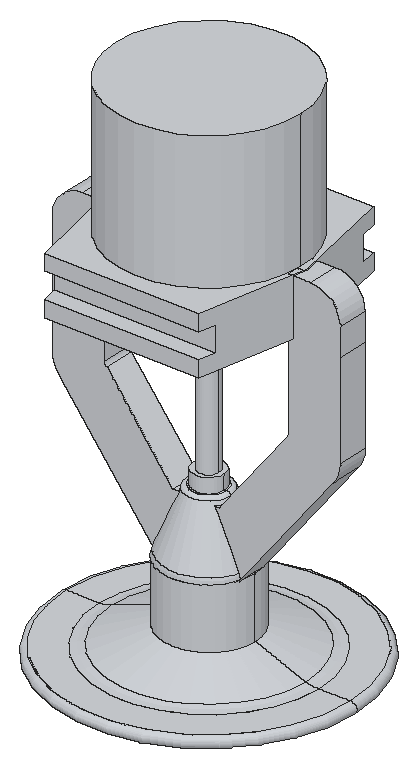
Revit family
Parameters (values of type "RASCO J112 PENDENT")
  Temperature Rating = 200 °F
  Response = 1
  RASCO SIN # = "RA7216"
  RASCO Part # = "J112P2B"
  Pressure Rating = "175 PSI"
  Pressure Class = (empty or 0)
  Orifice Size = 3/4"
  Orifice = (empty or 0)
  Model = "J112"
  Manufacturer = "RASCO"
  K-Factor = 11.2
  Description = "BRONZE FINISH"
  Coverage = (empty or 0)
Reference planes (in)
  plane 1 "Center (Front/Back)": y = 0
  plane 2: z = 0
  plane 3 "Center (Left/Right)": x = 0
Nested families (in)
  nested 1: "J112P2B" at (0, -0.02524, 2.95) x (-1, 0, 0) z (0, 0, -1), type "RASCO J112 PENDENT"
Connectors (in)
  piping at (0, -0.02524, 2.95)
    settings: on nested 1, index 1, connector radius 1/2", flow factor 0, pipe flow 0 GPM, pressure drop 0.00 psi, fitting loss kfactor 0, connector angle 0.00°, fixture units 0, flow configuration 0, flow direction 0, fitting loss method 0, system type 7, connector reference index -1, connector utility 0, adjustable connector no, is connector primary yes, fitting loss table "", connector description ""
Definition of nested family "J112P2B"
  Parameters (values of type "RASCO J112 PENDENT")
    Type Comments = ""
    Temperature Rating = 0 °F
    Response = (empty or 0)
    Pressure Rating = "0"
    Pressure Class = (empty or 0)
    Orifice Size = 0"
    Orifice = (empty or 0)
    Model = ""
    Manufacturer = ""
    K-Factor = 0
    Description = ""
    Coverage = (empty or 0)
    Assembly Code = ""
  Reference planes (in)
    plane 1 "Center (Front/Back)": y = 0
    plane 2: z = 0
    plane 3 "REF.1": z = 0.773
    plane 4 "top": z = 2.8125
    plane 5: x = -0.81624
    plane 6: x = 0.81332
    plane 7 "ref.2": z = 2.098
    plane 8 "head": z = 2.6725
    plane 9 "left/right center": x = 0
    plane 10 "screw": z = 1.98251
    plane 11 "bulb": z = 1.098
    plane 12: z = 2.95
  Forms (in)
    Extrusion 1, solid
      sketch origin (0, 0, 0) x (1, 0, 0) y (0, 1, 0)
        loop
          circle (0, 0) r 0.5221
      from 0 to 0.773
    Extrusion 2, solid
      sketch origin (0, 0, 0.773) x (-1, 0, 0) y (0, -1, 0)
        loop
          line (-0.43619, -0.62052) -> (0.4375, -0.62052) -> (0.56391, 0) -> (0.4375, 0.62052) -> (-0.43619, 0.62052) -> (-0.56259, 0) -> (-0.43619, -0.62052)
      from 0 to 0.325
    Extrusion 3, void
      sketch origin (0, 0, 0) x (1, 0, 0) y (0, 0, 1)
        loop
          line (-0.56391, 1.00774) -> (-0.56391, 0.86298) -> (0.56259, 0.86298) -> (0.56259, 1.00774) -> (-0.56391, 1.00774)
      from 0.52148 to 0.62052
    Extrusion 4, solid
      sketch origin (0, 0, 0) x (1, 0, 0) y (0, 0, 1)
        loop
          line (-0.5221, 0.773) -> (-0.5221, 1.098) -> (-0.5221, 1.58091)
          arc (-0.5221, 1.58091) -> (-0.5194, 1.59708) -> (-0.51161, 1.61149) r 0.04979
          line (-0.51161, 1.61149) -> (-0.13316, 2.098) -> (-0.00066, 2.098) -> (0.13184, 2.098) -> (0.5115, 1.61158)
          arc (0.5115, 1.61158) -> (0.51938, 1.59706) -> (0.5221, 1.58077) r 0.05007
          line (0.5221, 1.58077) -> (0.5221, 1.098) -> (0.5221, 0.773) -> (0.64763, 0.773)
          arc (0.64763, 0.773) -> (0.76676, 0.82234) -> (0.8161, 0.94147) r 0.16847
          line (0.8161, 0.94147) -> (0.8161, 1.098) -> (0.8161, 1.63725)
          arc (0.8161, 1.63725) -> (0.80631, 1.69579) -> (0.77801, 1.74796) r 0.17993
          line (0.77801, 1.74796) -> (0.18552, 2.50706) -> (-0.18743, 2.50706) -> (-0.77818, 1.74764)
          arc (-0.77818, 1.74764) -> (-0.80636, 1.69554) -> (-0.8161, 1.63712) r 0.18
          line (-0.8161, 1.63712) -> (-0.8161, 1.098) -> (-0.8161, 0.94094)
          arc (-0.8161, 0.94094) -> (-0.76691, 0.82219) -> (-0.64816, 0.773) r 0.16794
          line (-0.64816, 0.773) -> (-0.5221, 0.773)
      from -0.08649 to 0.08732
    Extrusion 5, void
      sketch origin (0.00728, 1.142, 0) x (1, 0, 0) y (0, 0, 1)
        loop
          line (-0.56391, 1.00774) -> (-0.56391, 0.86298) -> (0.56259, 0.86298) -> (0.56259, 1.00774) -> (-0.56391, 1.00774)
      from 0.52148 to 0.62052
    Revolve 6, solid
      sketch origin (0, 0, 0) x (1, 0, 0) y (0, 0, 1)
        loop
          line (-0.00066, 2.8125) -> (-0.24139, 2.8125)
          arc (-0.24139, 2.8125) -> (-0.25522, 2.80677) -> (-0.26095, 2.79293) r 0.01957
          line (-0.26095, 2.79293) -> (-0.26095, 2.42899)
          arc (-0.26095, 2.42899) -> (-0.25939, 2.41285) -> (-0.25476, 2.3973) r 0.08419
          line (-0.25476, 2.3973) -> (-0.12582, 2.07995)
          arc (-0.12582, 2.07995) -> (-0.11591, 2.06775) -> (-0.10088, 2.06316) r 0.02692
          line (-0.10088, 2.06316) -> (-0.00066, 2.06316) -> (-0.00066, 2.8125)
        axis (-0.00066, 2.8125) -> (-0.00066, 2.06316)
      angle from 0 to 360
    Extrusion 7, solid
      sketch origin (0, 0, 2.8125) x (-1, 0, 0) y (0, -1, 0)
        loop
          circle (0.00095, 0) r 0.18173
      from 0 to 0.01153
    Extrusion 8, solid
      sketch origin (0, 0, 1.98251) x (-1, 0, 0) y (0, -1, 0)
        loop
          circle (0, 0) r 0.087
      from 0 to 0.0806
    Extrusion 9, solid
      sketch origin (0, 0, 1.098) x (-1, 0, 0) y (0, -1, 0)
        loop
          circle (0, 0) r 0.05954
      from 0 to 0.88451
    Revolve 10, solid
      sketch origin (0, 0, 0) x (1, 0, 0) y (0, 0, 1)
        loop
          arc (-0.80541, 2.95) -> (-0.83791, 2.91744) -> (-0.80529, 2.885) r 0.0325
          line (-0.80529, 2.885) -> (-0.6226, 2.885)
          arc (-0.6226, 2.885) -> (-0.58658, 2.88196) -> (-0.55157, 2.87291) r 0.21476
          line (-0.55157, 2.87291) -> (-0.20963, 2.75307)
          arc (-0.20963, 2.75307) -> (-0.1935, 2.7489) -> (-0.1769, 2.7475) r 0.09897
          line (-0.1769, 2.7475) -> (-0.00095, 2.7475) -> (-0.00095, 2.8125) -> (-0.1642, 2.8125)
          arc (-0.1642, 2.8125) -> (-0.18242, 2.81404) -> (-0.20012, 2.81861) r 0.10861
          line (-0.20012, 2.81861) -> (-0.53776, 2.93695)
          arc (-0.53776, 2.93695) -> (-0.57556, 2.94671) -> (-0.61446, 2.95) r 0.23187
          line (-0.61446, 2.95) -> (-0.80541, 2.95)
        axis (0, 2.95) -> (0, 2.7475)
      angle from 0 to 360
  Cuts and joins
    Extrusion 3, Extrusion 5 cuts Extrusion 2
  Dimensions and locks (in)
    plane 12 to level = 0' - 2.95"
